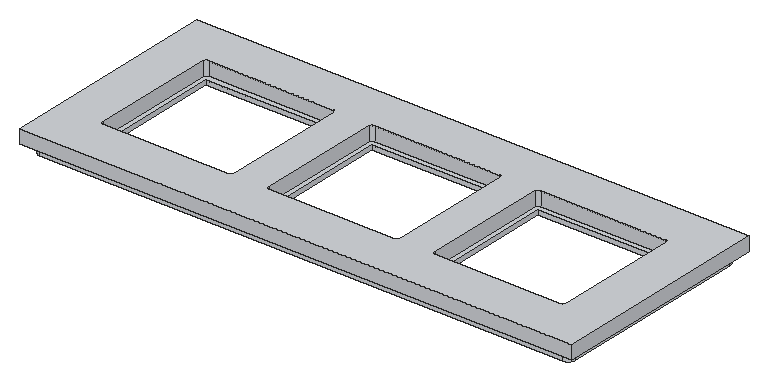
Revit family "Gira_0213127", category Electrical Fixtures, host Face, Revit 2017
Family settings
  Host = Face
  Maintain Annotation Orientation = No
  Round Connector Dimension = Use Diameter
  Part Type = Normal
  Cut with Voids When Loaded = No
  Shared = No
  Room Calculation Point = No
Parameters (values of type "Cov.fr. 3-g Gira Esprit alum.brown")
  With mounting grid = "No"
  With hinged lid = "No"
  URL = "http://katalog.gira.de/en/datenblatt.html?artikelnr=0213127"
  Type of fastening = "Clamp mounting"
  Transparent = "No"
  Surface protection = "Other"
  Suitable for wall duct = "No"
  Suitable for flush-mounted installation = "Yes"
  Suitable for floor box = "No"
  Suitable for built-in installation = "No"
  Number of units vertical = "3"
  Number of units horizontal = "3"
  Number of units = "3"
  Name = "Cov.fr. 3-g Gira Esprit alum.brown"
  Mounting direction = "Horizontal and vertical"
  Material quality = "Aluminium"
  Material = "Metal"
  Manufacturer URL = "https://www.gira.de/"
  Manufacturer = "Gira"
  Label space/information surface = "No"
  Keynote = ""
  HeinzeBIM = "https://bimportal.heinze.de/bim/cov-fr-3-g-gira-esprit-alum-brown/f79a215226e8ee745f4ace010952f61e0def2349"
  Halogen free = "Yes"
  HAN = "0213127"
  GTIN = "4010337109099"
  Description = "Cov.fr.3g Espr. AlBn,Gira Esprit cover frame,aluminium brown,3-gang,Features:,- Anodised aluminium E 1. Colour deviations are possible."
  Degree of protection (IP) = "IP20"
  Default Elevation = 1219.2 mm
  Data sheet (1) = "https://katalog.gira.de/en/download.html?artikelnr=0213127"
  Colour = "Brown"
  Category = "Cover frame for domestic switching devices"
  BIM (1) = "https://media.stage.bim.site/public/gira/36a6b08/Espr._Rahmen_3fach.rfa"
  Available = "No"
Reference planes
  plane 1 "Center (Front/Back)": y = 0
  plane 2: z = 0
  plane 3 "Center (Left/Right)": x = 0
Forms (mm)
  Extrusion 1, solid, detail levels fine
    sketch origin (0, 0, 0) x (1, 0, 0) y (0, 1, 0)
      loop
        line (-118.4, 47.5) -> (-118.4, -47.5) -> (118.4, -47.5) -> (118.4, 47.5) -> (-118.4, 47.5)
      loop
        arc (-99.5, -26.7) -> (-99.061, -27.761) -> (-98, -28.2) r 1.5
        line (-98, -28.2) -> (-44.6, -28.2)
        arc (-44.6, -28.2) -> (-43.539, -27.761) -> (-43.1, -26.7) r 1.5
        line (-43.1, -26.7) -> (-43.1, 26.7)
        arc (-43.1, 26.7) -> (-43.539, 27.761) -> (-44.6, 28.2) r 1.5
        line (-44.6, 28.2) -> (-98, 28.2)
        arc (-98, 28.2) -> (-99.061, 27.761) -> (-99.5, 26.7) r 1.5
        line (-99.5, 26.7) -> (-99.5, -26.7)
      loop
        arc (-28.2, -26.7) -> (-27.761, -27.761) -> (-26.7, -28.2) r 1.5
        line (-26.7, -28.2) -> (26.7, -28.2)
        arc (26.7, -28.2) -> (27.761, -27.761) -> (28.2, -26.7) r 1.5
        line (28.2, -26.7) -> (28.2, 26.7)
        arc (28.2, 26.7) -> (27.761, 27.761) -> (26.7, 28.2) r 1.5
        line (26.7, 28.2) -> (-26.7, 28.2)
        arc (-26.7, 28.2) -> (-27.761, 27.761) -> (-28.2, 26.7) r 1.5
        line (-28.2, 26.7) -> (-28.2, -26.7)
      loop
        arc (43.1, -26.7) -> (43.539, -27.761) -> (44.6, -28.2) r 1.5
        line (44.6, -28.2) -> (98, -28.2)
        arc (98, -28.2) -> (99.061, -27.761) -> (99.5, -26.7) r 1.5
        line (99.5, -26.7) -> (99.5, 26.7)
        arc (99.5, 26.7) -> (99.061, 27.761) -> (98, 28.2) r 1.5
        line (98, 28.2) -> (44.6, 28.2)
        arc (44.6, 28.2) -> (43.539, 27.761) -> (43.1, 26.7) r 1.5
        line (43.1, 26.7) -> (43.1, -26.7)
    from 0 to 6
  Extrusion 2, solid, detail levels fine
    sketch origin (0, 0, 0) x (1, 0, 0) y (0, 1, 0)
      loop
        line (-97.2, -25.7) -> (-45.4, -25.7) -> (-45.4, 25.7) -> (-97.2, 25.7) -> (-97.2, -25.7)
      loop
        line (97.2, 25.7) -> (45.4, 25.7) -> (45.4, -25.7) -> (97.2, -25.7) -> (97.2, 25.7)
      loop
        arc (-114.002, -41.3) -> (-113.474, -42.573) -> (-112.202, -43.1) r 1.8
        line (-112.202, -43.1) -> (112.202, -43.1)
        arc (112.202, -43.1) -> (113.474, -42.573) -> (114.002, -41.3) r 1.8
        line (114.002, -41.3) -> (114.002, 41.3)
        arc (114.002, 41.3) -> (113.474, 42.573) -> (112.202, 43.1) r 1.8
        line (112.202, 43.1) -> (-112.202, 43.1)
        arc (-112.202, 43.1) -> (-113.474, 42.573) -> (-114.002, 41.3) r 1.8
        line (-114.002, 41.3) -> (-114.002, -41.3)
      loop
        line (25.9, 25.7) -> (-25.9, 25.7) -> (-25.9, -25.7) -> (25.9, -25.7) -> (25.9, 25.7)
    from -1.9 to 0
  Extrusion 3, solid, detail levels fine
    sketch origin (0, 0, 0) x (1, 0, 0) y (0, 1, 0)
      loop
        arc (-112.3, 44.4) -> (-114.421, 43.521) -> (-115.3, 41.4) r 3
        line (-115.3, 41.4) -> (-115.3, -41.4)
        arc (-115.3, -41.4) -> (-114.421, -43.521) -> (-112.3, -44.4) r 3
        line (-112.3, -44.4) -> (112.3, -44.4)
        arc (112.3, -44.4) -> (114.421, -43.521) -> (115.3, -41.4) r 3
        line (115.3, -41.4) -> (115.3, 41.4)
        arc (115.3, 41.4) -> (114.421, 43.521) -> (112.3, 44.4) r 3
        line (112.3, 44.4) -> (-112.3, 44.4)
      loop
        arc (-114.1, -41.4) -> (-113.573, -42.673) -> (-112.3, -43.2) r 1.8
        line (-112.3, -43.2) -> (112.3, -43.2)
        arc (112.3, -43.2) -> (113.573, -42.673) -> (114.1, -41.4) r 1.8
        line (114.1, -41.4) -> (114.1, 41.4)
        arc (114.1, 41.4) -> (113.573, 42.673) -> (112.3, 43.2) r 1.8
        line (112.3, 43.2) -> (-112.3, 43.2)
        arc (-112.3, 43.2) -> (-113.573, 42.673) -> (-114.1, 41.4) r 1.8
        line (-114.1, 41.4) -> (-114.1, -41.4)
    from -3.7 to 0
  Extrusion 4, solid, detail levels medium
    sketch origin (0, 0, 0) x (1, 0, 0) y (0, 1, 0)
      loop
        line (-118.4, 47.5) -> (-118.4, -47.5) -> (118.4, -47.5) -> (118.4, 47.5) -> (-118.4, 47.5)
    from 0 to 6
  Extrusion 5, solid, detail levels medium
    sketch origin (0, 0, 0) x (1, 0, 0) y (0, 1, 0)
      loop
        line (-115.3, 44.4) -> (-115.3, -44.4) -> (115.3, -44.4) -> (115.3, 44.4) -> (-115.3, 44.4)
    from -3.7 to 0
  Extrusion 6, solid, detail levels coarse
    sketch origin (0, 0, 0) x (1, 0, 0) y (0, 1, 0)
      loop
        line (-118.4, 47.5) -> (-118.4, -47.5) -> (118.4, -47.5) -> (118.4, 47.5) -> (-118.4, 47.5)
    from -3.7 to 6
Dimensions and locks
  aligned and locked: plane 2 to host face
  aligned and locked: level to host face
